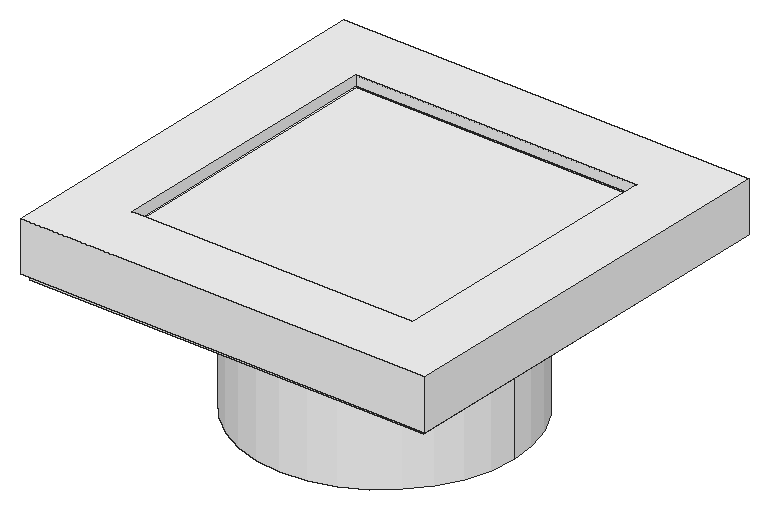
Revit family "Gira_228405", category Electrical Fixtures, host Face, Revit 2017
Family settings
  Host = Face
  Maintain Annotation Orientation = Yes
  Round Connector Dimension = Use Diameter
  Part Type = Normal
  Cut with Voids When Loaded = No
  Shared = No
  Room Calculation Point = No
Parameters (values of type "UP-Radio RDS o.Lautsprecher System 55 Schwarzglasoptik")
  Zusammenstellung = "Basiselement"
  White [instance] = White
  Werkstoffgüte = "sonstige"
  Werkstoff = "sonstige"
  URL = "http://katalog.gira.de/de_DE/datenblatt.html?artikelnr=228405"
  Region = "DE"
  Oberfläche = "sonstige"
  Name = "UP-Radio RDS o.Lautsprecher System 55 Schwarzglasoptik"
  Montageart = "unter Putz"
  Model = "Sys55_Komplettgerät_Schalten und Tasten"
  Manufacturer URL = "https://www.gira.de/"
  HeinzeBIM = "https://bimportal.heinze.de/bim/up-radio-rds-o-lautsprecher-system-55-schwarzglasoptik/b91599b520675b7b9cab4df6981edd685f488fcf"
  Halogenfrei = "No"
  HAN = "228405"
  GTIN = "4010337889229"
  Farbe = "schwarz"
  Default Elevation = 1219.2 mm
  Data sheet (1) = "https://katalog.gira.de/de_DE/download.html?artikelnr=228405"
  Category = "Elektronik-Gerät für Installationsschalterprogramme"
  Befestigungsart = "Krallen-/Schraubbefestigung"
  Available = "Yes"
  Ausführung der Oberfläche = "glänzend"
  Ausführung = "Radio (*en-EN)"
Reference planes
  plane 1 "Center (Front/Back)": y = 0
  plane 2: z = 0
  plane 3 "Center (Left/Right)": x = 0
Forms (mm)
  Extrusion 1, solid, material "White" <- "White", detail levels medium
    sketch origin (0, 0, 0) x (1, 0, 0) y (0, 1, 0)
      loop
        line (-40.4, 40.4) -> (-40.4, -40.4) -> (40.4, -40.4) -> (40.4, 40.4) -> (-40.4, 40.4)
      loop
        line (-28, 28) -> (-28, -28) -> (28, -28) -> (28, 28) -> (-28, 28)
    from 0 to 10
  Extrusion 2, solid, material "White" <- "White", detail levels fine
    sketch origin (0, 0, 0) x (1, 0, 0) y (0, 1, 0)
      loop
        line (-40.4, 40.4) -> (-40.4, -40.4) -> (40.4, -40.4) -> (40.4, 40.4) -> (-40.4, 40.4)
      loop
        line (-28, 28) -> (-28, -28) -> (28, -28) -> (28, 28) -> (-28, 28)
    from 0 to 10
  Extrusion 3, void
    sketch origin (0, 0, 0) x (1, 0, 0) y (0, 1, 0)
      loop
        line (-38.4, 38.4) -> (-38.4, -38.4) -> (38.4, -38.4) -> (38.4, 38.4) -> (-38.4, 38.4)
    from 0 to 8
  Extrusion 4, solid, material "White" <- "White", detail levels medium+fine
    sketch origin (0, 0, 0) x (1, 0, 0) y (0, 1, 0)
      loop
        line (-39.4, 39.4) -> (-39.4, -39.4) -> (39.4, -39.4) -> (39.4, 39.4) -> (-39.4, 39.4)
    from 0 to -1
  Extrusion 5, solid, material "White" <- "White", detail levels medium+fine
    sketch origin (0, 0, 0) x (1, 0, 0) y (0, 1, 0)
      loop
        line (-35.5, 35.5) -> (-35.5, -35.5) -> (35.5, -35.5) -> (35.5, 35.5) -> (-35.5, 35.5)
    from -2 to -3
  Extrusion 6, solid, material "White" <- "White", detail levels medium+fine
    sketch origin (0, 0, 0) x (1, 0, 0) y (0, 1, 0)
      loop
        circle (0, 0) r 26
    from 0 to -27.5
  Extrusion 7, solid, material "White" <- "White", detail levels coarse
    sketch origin (0, 0, 0) x (1, 0, 0) y (0, 1, 0)
      loop
        line (-40.4, 40.4) -> (-40.4, -40.4) -> (40.4, -40.4) -> (40.4, 40.4) -> (-40.4, 40.4)
    from -27.5 to 10
Cuts and joins
  Extrusion 3 cuts Extrusion 2
Dimensions and locks
  aligned and locked: plane 2 to host face
  aligned and locked: level to host face
  aligned and locked: plane 3 "Center (Left/Right)" to nested 2
  aligned and locked: plane 1 "Center (Front/Back)" to nested 2
Nested families
  nested 1: "Sys55_Abdeckung_Schalten und Tasten_floor_base" at (0, 0, 0), type "Sys55_Abdeckung_Schalten und Tasten_floor_base"
  nested 2: "Schalter" at (0, 0, 0), type "Schalter"
Connectors
  electrical at (0, 0, -27.5)
    settings: on Extrusion 6, index 1, voltage 220 V, apparent load 0 VA, apparent load phase1 0 VA, apparent load phase2 0 VA, apparent load phase3 0 VA, power factor 1, load classification "Other", number of poles 1, system type 30, power factor state 1, is connector primary yes, connector utility no, sub classification motor no, connector description ""
Definition of nested family "Sys55_Abdeckung_Schalten und Tasten_floor_base"
  Parameters
    Default Elevation = 1219.2 mm
    White [instance] = none
  Reference planes
    plane 1 "Center (Front/Back)": y = 0
    plane 2: z = 0
    plane 3 "Center (Left/Right)": x = 0
  Forms (mm)
    Extrusion 1, solid
      sketch origin (0, 0, 0) x (1, 0, 0) y (0, 1, 0)
        loop
          line (-1219.2, 1219.2) -> (-1219.2, -1219.2) -> (1219.2, -1219.2) -> (1219.2, 1219.2) -> (-1219.2, 1219.2)
      from 0 to -304.8
    Extrusion 2, solid, material <- "White", detail levels fine
      sketch origin (0, 0, 0) x (1, 0, 0) y (0, 1, 0)
        loop
          line (-27.5, 27.5) -> (-27.5, -27.5) -> (27.5, -27.5) -> (27.5, 27.5) -> (-27.5, 27.5)
      from 0 to 8
    Extrusion 3, void
      sketch origin (0, 0, 0) x (1, 0, 0) y (0, 1, 0)
        loop
          line (26, 26) -> (-26, 26) -> (-26, -26) -> (26, -26) -> (26, 26)
      from 0 to 6
    Extrusion 4, solid, material <- "White", detail levels medium
      sketch origin (0, 0, 0) x (1, 0, 0) y (0, 1, 0)
        loop
          line (-27.5, 27.5) -> (-27.5, -27.5) -> (27.5, -27.5) -> (27.5, 27.5) -> (-27.5, 27.5)
      from 0 to 8
    Extrusion 5, solid, material <- "White", detail levels medium
      sketch origin (0, 0, 0) x (1, 0, 0) y (0, 1, 0)
        loop
          line (11, -17.5) -> (11, 17.5) -> (-11, 17.5) -> (-11, -17.5) -> (11, -17.5)
      from -6 to 6
    Extrusion 6, solid, material <- "White", detail levels fine
      sketch origin (0, 0, 0) x (1, 0, 0) y (0, 1, 0)
        loop
          line (11, 17.5) -> (-11, 17.5) -> (-11, 16.5) -> (11, 16.5) -> (11, 17.5)
        loop
          line (-11, -16.5) -> (-11, -17.5) -> (11, -17.5) -> (11, -16.5) -> (-11, -16.5)
      from -4 to 6
    Extrusion 7, solid, material <- "White", detail levels fine
      sketch origin (0, 0, 0) x (1, 0, 0) y (0, 1, 0)
        loop
          arc (5, 9.347) -> (0, 10.6) -> (-5, 9.347) r 10.6
          line (-5, 9.347) -> (-5, -9.347)
          arc (-5, -9.347) -> (0, -10.6) -> (5, -9.347) r 10.6
          line (5, -9.347) -> (5, 9.347)
      from -6 to 6
    Extrusion 8, solid, material <- "White", detail levels coarse
      sketch origin (0, 0, 0) x (1, 0, 0) y (0, 1, 0)
        loop
          line (-27.5, 27.5) -> (-27.5, -27.5) -> (27.5, -27.5) -> (27.5, 27.5) -> (-27.5, 27.5)
      from -6 to 8
  Cuts and joins
    Extrusion 3 cuts Extrusion 2
  Dimensions and locks
    aligned and locked: plane 2 to Extrusion 1
    aligned and locked: level to Extrusion 1
Definition of nested family "Schalter"
  Reference planes
    plane 1: y = 0
    plane 2: x = 0
  Lines and regions (mm)
    detail lines
      curve 1: circle (1.375, 2.778, 0) r 0.8 normal (0, 0, 1)
      curve 2: line (1.021, 2.061, 0) -> (0, 0, 0)
      curve 3: line (0, 0, 0) -> (-0.538, 0.266, 0)
  Dimensions and locks
    curve 2 to curve 2 = 2.3 mm
    curve 3 to curve 2 = 0.6 mm
    radius of curve 1 = 0.8 mm
